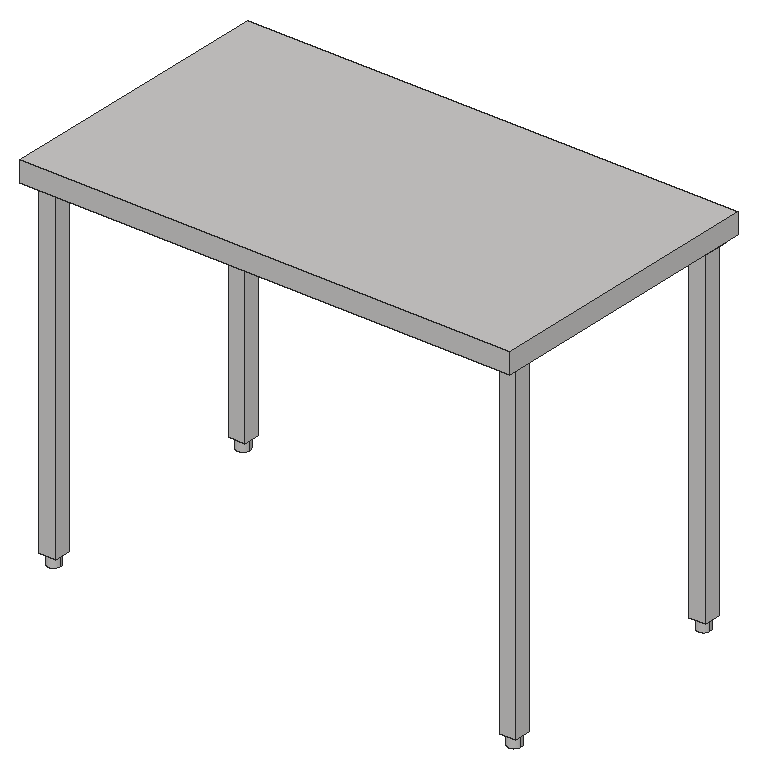
Revit family "QF_ELECTROLUXPROFESSIONAL_132840_WTD1207N", category Attrezzature speciali, Revit 2020
Family settings
  Quota connettore circolare = Usa diametro
  Tipo di parte = Normale
  Basato su piano di lavoro = No
  Sempre verticale = Sì
  Taglio con vuoti quando caricato = No
  Condiviso = No
  Punto di calcolo locali = No
Parameters (values of type "Standard")
  Weight = 43.00 kg
  Watts = 0 W
  Volts = 0 V
  URL Manufacturer = "https://www.electroluxprofessional.com/"
  URL = "https://www.electroluxprofessional.com/"
  Steam Supply Size = 0 mm
  Steam Supply Minimum Pressure = 0.0 Pa
  Steam Supply Maximum Pressure = 0.0 Pa
  Steam Consumption per Hour = 0
  Refrigeration Suction Line Size = 0.0 mm
  Refrigeration Liquid Line Size = 0.0 mm
  Refrigerant Compressor Remote = yes
  Prospetto di default = 0.0 mm
  Produttore = "Electrolux Professional"
  Phase = 0
  Modello = "WTD1207N"
  Length Actual = 1200.0 mm  # constant formula
  Item Number = "132840"
  Hot Water Size = 0 mm
  Height Actual = 900.0 mm  # constant formula
  HP = "0 HP"
  Gas Size = 0 mm
  Gas KW = 0
  Gas Input Pressure = 0 W
  Direct Waste Size = 0 mm
  Descrizione = "WORK TABLE-DISASSEMBLED 1200MM"
  Depth Actual = 700.0 mm  # constant formula
  Cycle = 0 Hz
  Condensate Return Size = 0 mm
  Compressed Air Volume = 0.0 L/s
  Compressed Air Size = 0 mm
  Compressed Air Pressure = 0.0 Pa
  Cold Water Size = 0 mm
  Accessory = yes
Reference planes
  plane 1 "Center (Front/Back)": y = 0
  plane 2: z = 0
  plane 3 "Center (Left/Right)": x = -100
  plane 4 "LEFT": x = -700
  plane 5 "RIGHT": x = 500
  plane 6 "BACK": y = 350
  plane 7 "FRONT": y = -350
  plane 8 "Base": z = 850
  plane 9 "TOP": z = 900
  plane 10: x = -664.5
  plane 11: x = 464.5
  plane 12: y = 290
  plane 13: y = -290
Forms (mm)
  Extrusion 1, solid, material "QF_Finishes_Stainless Steel"
    sketch origin (-100, 0, 0) x (0, 1, 0) y (0, 0, 1)
      loop
        line (-350, 850) -> (350, 850) -> (350, 900) -> (-350, 900) -> (-350, 850)
    from 600 to -600
Lines and regions (mm)
  symbolic lines
    curve 1: line (500, 350, 900) -> (-700, 350, 900)
    curve 2: line (-700, 350, 900) -> (-700, -350, 900)
    curve 3: line (-700, -350, 900) -> (500, -350, 900)
    curve 4: line (500, -350, 900) -> (500, 350, 900)
Dimensions and locks
  plane 4 "LEFT" to plane 5 "RIGHT" = 1200.0 mm
  equal spacing: plane 4 "LEFT", plane 3 "Center (Left/Right)", plane 5 "RIGHT"
  locked: plane 8 "Base" to level at 850
  plane 4 "LEFT" to plane 10 = 35.5 mm
  plane 11 to plane 5 "RIGHT" = 35.5 mm
  plane 10 to plane 11 = 1129.0 mm
  locked: plane 9 "TOP" to level at 900
  plane 6 "BACK" to plane 12 = 60.0 mm
  plane 13 to plane 7 "FRONT" = 60.0 mm
  plane 6 "BACK" to plane 7 "FRONT" = 700.0 mm
  plane 12 to plane 13 = 580.0 mm
  equal spacing: plane 6 "BACK", plane 1 "Center (Front/Back)", plane 7 "FRONT"
  aligned and locked: level to plane 2
  aligned and locked: plane 10 to nested 1
  aligned and locked: nested 1 to plane 13
  aligned and locked: plane 11 to nested 2
  aligned and locked: nested 2 to plane 13
  aligned and locked: plane 11 to nested 4
  aligned and locked: nested 4 to plane 12
  aligned and locked: plane 10 to nested 3
  aligned and locked: nested 3 to plane 12
  aligned and locked: Extrusion 1 to plane 4 "LEFT"
  aligned and locked: plane 5 "RIGHT" to Extrusion 1
  aligned and locked: curve 2 to plane 4 "LEFT"
Automatic sketch dimensions
  Extrusion 1 sketch curve to plane 7 "FRONT" = 0.0 mm
  Extrusion 1 sketch curve to plane 8 "Base" = 0.0 mm
  curve 3 to plane 7 "FRONT" = 0.0 mm
  curve 4 to plane 6 "BACK" = 0.0 mm
  Extrusion 1 sketch curve to plane 9 "TOP" = 0.0 mm
  Extrusion 1 sketch curve to plane 6 "BACK" = 0.0 mm
  curve 4 to plane 5 "RIGHT" = 0.0 mm
Nested families
  nested 1: "FEET_40x40" at (-664.5, -290, 0), type "FEET_40x40"
  nested 2: "FEET_40x40" at (464.5, -290, 0), type "FEET_40x40"
  nested 3: "FEET_40x40" at (-664.5, 290, 0), type "FEET_40x40"
  nested 4: "FEET_40x40" at (464.5, 290, 0), type "FEET_40x40"
Definition of nested family "FEET_40x40"
  Parameters
    Default Elevation = 0.0 mm
    FEET = 850.0 mm
  Reference planes
    plane 1 "Center (Front/Back)": y = 0
    plane 2: z = 0
    plane 3 "Center (Left/Right)": x = 0
    plane 4: z = 850
  Forms (mm)
    Extrusion 1, solid
      sketch origin (0, 0, 0) x (1, 0, 0) y (0, 1, 0)
        loop
          line (-20, -20) -> (20, -20) -> (20, 20) -> (-20, 20) -> (-20, -20)
      from 25 to 845
    Extrusion 2, solid
      sketch origin (0, 0, 0) x (1, 0, 0) y (0, 1, 0)
        loop
          circle (0, 0) r 16
      from 0 to 25
    Extrusion 3, solid
      sketch origin (0, 0, 0) x (1, 0, 0) y (0, 1, 0)
        loop
          line (30, 30) -> (-30, 30) -> (-30, -30) -> (30, -30) -> (30, 30)
      from 845 to 850
  Lines and regions (mm)
    symbolic lines
      curve 1: line (0, -1.503, 0) -> (0, 1.508, 0)
      curve 2: line (1.561, 0, 0) -> (-1.439, 0, 0)
  Dimensions and locks
    "FEET": plane 4 to plane 2
    aligned and locked: level to plane 2
  Automatic sketch dimensions
    Extrusion 1 sketch curve to plane 3 "Center (Left/Right)" = 20.0 mm
    plane 3 "Center (Left/Right)" to Extrusion 1 sketch curve = 20.0 mm
    plane 1 "Center (Front/Back)" to Extrusion 1 sketch curve = 20.0 mm
    Extrusion 1 sketch curve to plane 1 "Center (Front/Back)" = 20.0 mm
    plane 1 "Center (Front/Back)" to Extrusion 2 sketch curve = 0.0 mm
    Extrusion 2 sketch curve to plane 3 "Center (Left/Right)" = 0.0 mm
    plane 3 "Center (Left/Right)" to Extrusion 3 sketch curve = 30.0 mm
    Extrusion 3 sketch curve to plane 1 "Center (Front/Back)" = 30.0 mm
    Extrusion 3 sketch curve to plane 3 "Center (Left/Right)" = 30.0 mm
    plane 1 "Center (Front/Back)" to Extrusion 3 sketch curve = 30.0 mm
    plane 1 "Center (Front/Back)" to curve 2 = 0.0 mm
    curve 1 to plane 3 "Center (Left/Right)" = 0.0 mm
    curve 2 to plane 3 "Center (Left/Right)" = 1.439 mm
    plane 3 "Center (Left/Right)" to curve 2 = 1.561 mm
    plane 1 "Center (Front/Back)" to curve 1 = 1.503 mm
    curve 1 to plane 1 "Center (Front/Back)" = 1.508 mm
    radius of Extrusion 2 sketch curve = 16.0 mm
